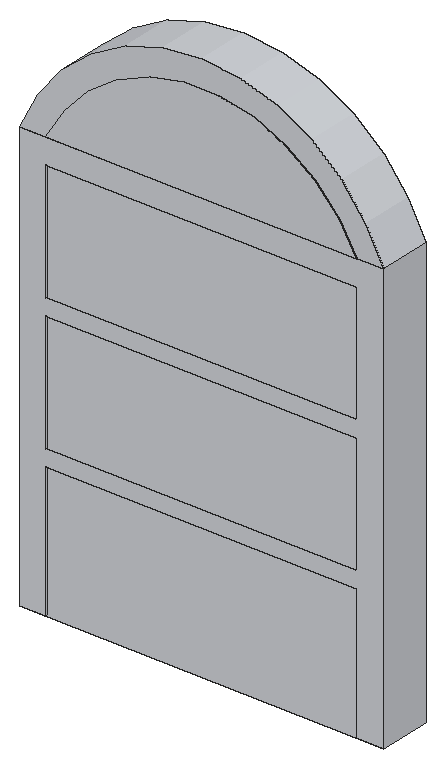
Revit family "Rodina5", category Okna, Revit 2016
Family settings
  Hostitel = Stěna
  Číslo OmniClass = 23.30.20.00
  Nadpis OmniClass = Windows
  Vždy vertikální = Ano
  Ořezat dutým tvarem při načtení = Ne
  Sdílené = Ne
  Bod výpočtu místnosti = Ne
Parameters
  Výška = 1500 mm
  Výchozí výška parapetu = 800 mm
  Zakončení stěny = Podle hostitele
  Šířka = 1000 mm
  Analytická konstrukce = "<Žádné>"
Reference planes
  plane 1 "Střed (vpředu/vzadu)": y = 0
  plane 2 "Střed (vlevo/vpravo)": x = 0
  plane 3 "Exteriér": y = 100
  plane 4 "Interiér": y = -100
  plane 5: z = 414.654
  plane 6: z = 2034.654
  plane 7: x = 872.128
  plane 8: x = -500
  plane 9: z = 2484.654
  plane 10: x = -400
  plane 11: x = 772.128
  plane 12: z = 1939.654
  plane 13: z = 1489.654
  plane 14: z = 1429.654
  plane 15: z = 979.654
  plane 16: z = 919.654
Forms (mm)
  Extrusion 1, solid
    sketch origin (0, -100, 0) x (1, 0, 0) y (0, 0, 1)
      loop
        line (-500, 2034.654) -> (-500, 414.654) -> (872.128, 414.654) -> (872.128, 2034.654) -> (-500, 2034.654)
    from -200 to 0
  Extrusion 2, solid
    sketch origin (0, -100, 0) x (1, 0, 0) y (0, 0, 1)
      loop
        line (-500, 2034.654) -> (872.128, 2034.654)
        arc (872.128, 2034.654) -> (186.064, 2504.421) -> (-500, 2034.654) r 735.859
    from -200 to 0
  Extrusion 3, void
    sketch origin (0, -100, 0) x (1, 0, 0) y (0, 0, 1)
      loop
        line (-400, 1939.654) -> (-400, 1489.654) -> (772.128, 1489.654) -> (772.128, 1939.654) -> (-400, 1939.654)
    from -200 to 0
  Extrusion 4, void
    sketch origin (0, -100, 0) x (1, 0, 0) y (0, 0, 1)
      loop
        line (-400, 1429.654) -> (-400, 979.654) -> (772.128, 979.654) -> (772.128, 1429.654) -> (-400, 1429.654)
    from -200 to 0
  Extrusion 5, void
    sketch origin (0, -100, 0) x (1, 0, 0) y (0, 0, 1)
      loop
        line (-400, 919.654) -> (-400, 414.654) -> (772.128, 414.654) -> (772.128, 919.654) -> (-400, 919.654)
    from -200 to 0
  Extrusion 6, solid
    sketch origin (0, -100, 0) x (1, 0, 0) y (0, 0, 1)
      loop
        line (-500, 2034.654) -> (-500, 414.654) -> (872.128, 414.654) -> (872.128, 2034.654) -> (-500, 2034.654)
    from -200 to 0
  Extrusion 7, solid
    sketch origin (0, -100, 0) x (1, 0, 0) y (0, 0, 1)
      loop
        line (-400, 2034.654) -> (772.128, 2034.654)
        arc (772.128, 2034.654) -> (186.064, 2406.689) -> (-400, 2034.654) r 647.628
    from -200 to 0
Cuts and joins
  Extrusion 3, Extrusion 4, Extrusion 5 cuts Extrusion 1
Text (mm)
  text "EXTERIÉR" at (-1963.203, 1332.353, 0), in view "Ref. podlaží"
  text "INTERIÉR" at (-1981.466, -818.386, 0), in view "Ref. podlaží"
  text "Exteriér" at (0, 923.751, 2943.296), in view "Pravý"
  text "Exteriér" at (0, 1040.484, 2685.409), in view "Levý"
Dimensions and locks
  locked: plane 3 "Exteriér" to host wall at 0
  locked: plane 4 "Interiér" to host wall
  aligned and locked: host wall to Extrusion 1
  aligned and locked: host wall to Extrusion 2
  aligned and locked: host wall to Extrusion 3
  aligned and locked: host wall to Extrusion 4
  aligned and locked: host wall to Extrusion 5
  aligned and locked: host wall to Extrusion 6
  aligned and locked: host wall to Extrusion 7
